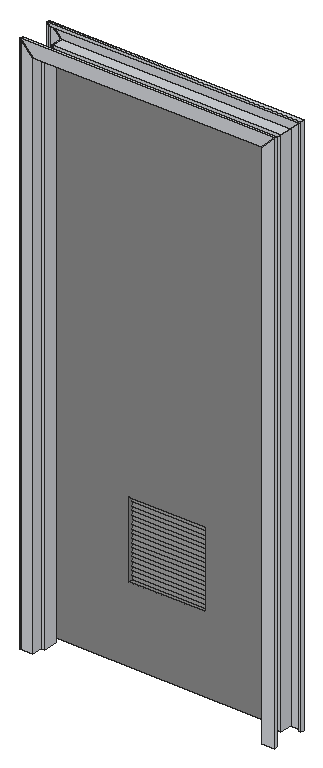
Revit family "Ext-L-MDMF-36 x 84", category Doors, host Wall, Revit 2014
Parameters (values of type "Ext-L-MDMF-36" x 84"")
  Width = Door Panel Width  # 3' - 0"
  Wall Thickness [instance] = 0' - 4 3/4"
  URL = ""
  Type Comments = ""
  Thickness = 0' - 1 3/4"
  Swing Angle [instance] = 90.00°
  SDI RO Spacing = 0' - 0"
  SDI Panel 1 Width = Leaf Width + 0' 0 3/16"  # 3' - 0"
  SDI No Panels = ""
  SDI HW Set [instance] = ""
  SDI HW Item LO-2 [instance] = ""
  SDI HW Item LO-1 [instance] = ""
  SDI HW Item KP-2 [instance] = ""
  SDI HW Item KP-1 [instance] = ""
  SDI HW Item HI-2 [instance] = ""
  SDI HW Item HI-1 [instance] = ""
  SDI HW Item HC-2 [instance] = ""
  SDI HW Item HC-1 [instance] = ""
  SDI HW Item ED-2 [instance] = ""
  SDI HW Item ED-1 [instance] = ""
  SDI HW Item DO-2 [instance] = ""
  SDI HW Item DO-1 [instance] = ""
  SDI HW Item CL-2 [instance] = ""
  SDI HW Item CL-1 [instance] = ""
  SDI Glass Material = Glass
  SDI Frame Type = "3 Piece"
  SDI Frame Material Type = "Hollow Metal"
  SDI Frame Material = Paint - Generic - Prime
  SDI Frame Manufacturer = ""
  SDI Frame Jamb Width = 0' - 2"
  SDI Frame Head Width = 0' - 2"
  SDI Frame Finish Type = "Painted"
  SDI Frame Finish Color = "Prime"
  SDI Frame Depth [instance] = 0' - 5 3/4"
  SDI Family Version = "1.0"
  SDI Door Panel Type = "L"
  SDI Door Material Type = "Hollow Metal"
  SDI Door Material = Paint - Generic - Prime
  SDI Door Manufacturer = ""
  SDI Door Finish Type = "Painted"
  SDI Door Finish Color = "Prime"
  SDI Door Configuration = "SG"
  SDI Arch Frame Type [instance] = ""
  SDI Arch Frame Material Type [instance] = "HM"
  SDI Arch Door Panel Type [instance] = "L"
  SDI Arch Door Material Type [instance] = "HM"
  Rough Width = Frame Width - 0' 1" + 2 * SDI RO Spacing  # 3' - 3"
  Rough Height = Frame Height - 0' 0 1/2" + SDI RO Spacing  # 7' - 1 1/2"
  R1 Height = 7' - 0"
  P1 Width = 3' - 2"
  Model = "Ext-L-MDMF-36\" x 84\""
  Manufacturer = ""
  Leaf Width = P1 Width - 0' 2 3/16"  # 2' - 11 13/16"
  Height = Door Panel Height  # 7' - 0"
  Function = Interior
  Frame Width = P1 Width + 0' 2"  # 3' - 4"
  Frame Offset [instance] = 0' - 0"
  Frame Height = R1 Height + 0' 2"  # 7' - 2"
  Fire Rating = ""
  Exterior Glazing [instance] = no
  Door Panel Width = P1 Width - 0' 2"  # 3' - 0"
  Door Panel Height = R1 Height + 0' 2" - (0' 2")  # 7' - 0"
  Description = "Hollow Metal Door with Hollow Metal Frame"
  Cost = 0
  Assembly Code = "C1020310"
  Analytic Construction = "<None>"
  ADA Clearance Lines = no
Reference planes (in)
  plane 1: y = 0
  plane 2 "Center (Left/Right)": x = 0
  plane 3 "Wall Edge": y = 2.375
  plane 4 "Wall Interior": y = -2.375
  plane 5 "ModelRefLevel": z = 0
  plane 6 "FrameDepthPlane": y = 0
  plane 7 "FrameFront": y = 2.875
  plane 8 "FrameBack": y = -2.875
  plane 9 "V0": x = 19
  plane 10 "V1": x = -19
  plane 11 "H0": z = 1
  plane 12 "H1": z = 85
  plane 13 "DoorLeft": x = 18
  plane 14 "DoorRight": x = -18
  plane 15 "DoorCenter": x = 0
  plane 16 "DoorTop": z = 83.875
  plane 17 "DoorCenterTB": z = 41.9375
  plane 18 "DoorExtFace": y = 2.8125
  plane 19 "DoorGlassFace": y = 2.0625
  plane 20 "LockCenterLine": z = 41.3125
  plane 21 "ActDoorLeft": x = 17.90625
  plane 22 "SwingClrPlane": y = 62.375
  plane 23 "SwingPartialPlane": y = 50.375
Forms (in)
  Extrusion 1, solid
    sketch origin (138.6875, 0, 43) x (-1, 0, 0) y (0, -1, 0)
      loop
        line (119.0625, -2.375) -> (118.6875, -2.375) -> (118.6875, -2.875) -> (120.6875, -2.875) -> (120.6875, -0.9375) -> (121.3125, -0.9375) -> (121.3125, 1.3125) -> (120.6875, 1.3125) -> (120.6875, 2.875) -> (118.6875, 2.875) -> (118.6875, 2.375) -> (119.0625, 2.375) -> (119.0625, 2.4375) -> (118.75, 2.4375) -> (118.75, 2.8125) -> (120.625, 2.8125) -> (120.625, 1.25) -> (121.25, 1.25) -> (121.25, -0.875) -> (120.625, -0.875) -> (120.625, -2.8125) -> (118.75, -2.8125) -> (118.75, -2.4375) -> (119.0625, -2.4375) -> (119.0625, -2.375)
    from -43 to 43
  Extrusion 2, void
    sketch origin (0, 2.375, 0) x (1, 0, 0) y (0, 0, 1)
      loop
        line (20, 86) -> (17.375, 86) -> (17.375, 83.375) -> (20, 86)
    from -12 to 12
  Extrusion 3, solid
    sketch origin (101.3125, 0, 43) x (-1, 0, 0) y (0, -1, 0)
      loop
        line (120.9375, -2.4375) -> (121.25, -2.4375) -> (121.25, -2.8125) -> (119.375, -2.8125) -> (119.375, -0.875) -> (118.75, -0.875) -> (118.75, 1.25) -> (119.375, 1.25) -> (119.375, 2.8125) -> (121.25, 2.8125) -> (121.25, 2.4375) -> (120.9375, 2.4375) -> (120.9375, 2.375) -> (121.3125, 2.375) -> (121.3125, 2.875) -> (119.3125, 2.875) -> (119.3125, 1.3125) -> (118.6875, 1.3125) -> (118.6875, -0.9375) -> (119.3125, -0.9375) -> (119.3125, -2.875) -> (121.3125, -2.875) -> (121.3125, -2.375) -> (120.9375, -2.375) -> (120.9375, -2.4375)
    from -43 to 43
  Extrusion 4, void
    sketch origin (0, 2.375, 0) x (1, 0, 0) y (0, 0, 1)
      loop
        line (-20, 86) -> (-17.375, 83.375) -> (-17.375, 86) -> (-20, 86)
    from -12 to 12
  Extrusion 5, solid
    sketch origin (0, 0, 84.6875) x (0, 1, 0) y (0, 0, 1)
      loop
        line (2.4375, 0.9375) -> (2.4375, 1.25) -> (2.8125, 1.25) -> (2.8125, -0.625) -> (0.875, -0.625) -> (0.875, -1.25) -> (-1.25, -1.25) -> (-1.25, -0.625) -> (-2.8125, -0.625) -> (-2.8125, 1.25) -> (-2.4375, 1.25) -> (-2.4375, 0.9375) -> (-2.375, 0.9375) -> (-2.375, 1.3125) -> (-2.875, 1.3125) -> (-2.875, -0.6875) -> (-1.3125, -0.6875) -> (-1.3125, -1.3125) -> (0.9375, -1.3125) -> (0.9375, -0.6875) -> (2.875, -0.6875) -> (2.875, 1.3125) -> (2.375, 1.3125) -> (2.375, 0.9375) -> (2.4375, 0.9375)
    from -20 to 20
  Extrusion 6, void
    sketch origin (0, 2.375, 0) x (1, 0, 0) y (0, 0, 1)
      loop
        line (-20, 86) -> (-20, 83.375) -> (-17.375, 83.375) -> (-20, 86)
    from -12 to 12
  Extrusion 7, void
    sketch origin (0, 2.375, 0) x (1, 0, 0) y (0, 0, 1)
      loop
        line (20, 86) -> (17.375, 83.375) -> (20, 83.375) -> (20, 86)
    from -12 to 12
  Extrusion 8, solid, material "Paint - Generic - Prime" <- "SDI Door Material"
    sketch origin (-72, 2.8125, -24) x (1, 0, 0) y (0, 0, 1)
      loop
        line (89.90625, 24.625) -> (89.90625, 107.875) -> (54.09375, 107.875) -> (54.09375, 24.625) -> (89.90625, 24.625)
      loop
        line (78, 36.625) -> (78, 48.625) -> (66, 48.625) -> (66, 36.625) -> (78, 36.625)
    from 0 to 1.75
  Extrusion 9, solid, material "Paint - Generic - Prime" <- "SDI Door Material"
    sketch origin (0, -60, -24) x (0, 1, 0) y (0, 0, 1)
      loop
        line (62.4375, 36.14645) -> (61.9375, 36.85355) -> (61.4375, 36.14645) -> (61.5, 36.14645) -> (61.9375, 36.79105) -> (62.375, 36.14645) -> (62.4375, 36.14645)
    from -6 to 6
  Extrusion 10, solid, material "Paint - Generic - Prime" <- "SDI Door Material"
    sketch origin (0, -60, -24) x (0, 1, 0) y (0, 0, 1)
      loop
        line (62.4375, 36.79645) -> (61.9375, 37.50355) -> (61.4375, 36.79645) -> (61.5, 36.79645) -> (61.9375, 37.44105) -> (62.375, 36.79645) -> (62.4375, 36.79645)
    from -6 to 6
  Extrusion 11, solid, material "Paint - Generic - Prime" <- "SDI Door Material"
    sketch origin (0, -60, -24) x (0, 1, 0) y (0, 0, 1)
      loop
        line (62.4375, 37.44645) -> (61.9375, 38.15355) -> (61.4375, 37.44645) -> (61.5, 37.44645) -> (61.9375, 38.09105) -> (62.375, 37.44645) -> (62.4375, 37.44645)
    from -6 to 6
  Extrusion 12, solid, material "Paint - Generic - Prime" <- "SDI Door Material"
    sketch origin (0, -60, -24) x (0, 1, 0) y (0, 0, 1)
      loop
        line (62.4375, 38.09645) -> (61.9375, 38.80355) -> (61.4375, 38.09645) -> (61.5, 38.09645) -> (61.9375, 38.74105) -> (62.375, 38.09645) -> (62.4375, 38.09645)
    from -6 to 6
  Extrusion 13, solid, material "Paint - Generic - Prime" <- "SDI Door Material"
    sketch origin (0, -60, -24) x (0, 1, 0) y (0, 0, 1)
      loop
        line (62.4375, 38.74645) -> (61.9375, 39.45355) -> (61.4375, 38.74645) -> (61.5, 38.74645) -> (61.9375, 39.39105) -> (62.375, 38.74645) -> (62.4375, 38.74645)
    from -6 to 6
  Extrusion 14, solid, material "Paint - Generic - Prime" <- "SDI Door Material"
    sketch origin (0, -60, -24) x (0, 1, 0) y (0, 0, 1)
      loop
        line (62.4375, 39.39645) -> (61.9375, 40.10355) -> (61.4375, 39.39645) -> (61.5, 39.39645) -> (61.9375, 40.04105) -> (62.375, 39.39645) -> (62.4375, 39.39645)
    from -6 to 6
  Extrusion 15, solid, material "Paint - Generic - Prime" <- "SDI Door Material"
    sketch origin (0, -60, -24) x (0, 1, 0) y (0, 0, 1)
      loop
        line (62.4375, 40.04645) -> (61.9375, 40.75355) -> (61.4375, 40.04645) -> (61.5, 40.04645) -> (61.9375, 40.69105) -> (62.375, 40.04645) -> (62.4375, 40.04645)
    from -6 to 6
  Extrusion 16, solid, material "Paint - Generic - Prime" <- "SDI Door Material"
    sketch origin (0, -60, -24) x (0, 1, 0) y (0, 0, 1)
      loop
        line (62.4375, 40.69645) -> (61.9375, 41.40355) -> (61.4375, 40.69645) -> (61.5, 40.69645) -> (61.9375, 41.34105) -> (62.375, 40.69645) -> (62.4375, 40.69645)
    from -6 to 6
  Extrusion 17, solid, material "Paint - Generic - Prime" <- "SDI Door Material"
    sketch origin (0, -60, -24) x (0, 1, 0) y (0, 0, 1)
      loop
        line (62.4375, 41.34645) -> (61.9375, 42.05355) -> (61.4375, 41.34645) -> (61.5, 41.34645) -> (61.9375, 41.99105) -> (62.375, 41.34645) -> (62.4375, 41.34645)
    from -6 to 6
  Extrusion 18, solid, material "Paint - Generic - Prime" <- "SDI Door Material"
    sketch origin (0, -60, -24) x (0, 1, 0) y (0, 0, 1)
      loop
        line (62.4375, 41.99645) -> (61.9375, 42.70355) -> (61.4375, 41.99645) -> (61.5, 41.99645) -> (61.9375, 42.64105) -> (62.375, 41.99645) -> (62.4375, 41.99645)
    from -6 to 6
  Extrusion 19, solid, material "Paint - Generic - Prime" <- "SDI Door Material"
    sketch origin (0, -60, -24) x (0, 1, 0) y (0, 0, 1)
      loop
        line (62.4375, 42.64645) -> (61.9375, 43.35355) -> (61.4375, 42.64645) -> (61.5, 42.64645) -> (61.9375, 43.29105) -> (62.375, 42.64645) -> (62.4375, 42.64645)
    from -6 to 6
  Extrusion 20, solid, material "Paint - Generic - Prime" <- "SDI Door Material"
    sketch origin (0, -60, -24) x (0, 1, 0) y (0, 0, 1)
      loop
        line (62.4375, 43.29645) -> (61.9375, 44.00355) -> (61.4375, 43.29645) -> (61.5, 43.29645) -> (61.9375, 43.94105) -> (62.375, 43.29645) -> (62.4375, 43.29645)
    from -6 to 6
  Extrusion 21, solid, material "Paint - Generic - Prime" <- "SDI Door Material"
    sketch origin (0, -60, -24) x (0, 1, 0) y (0, 0, 1)
      loop
        line (62.4375, 43.94645) -> (61.9375, 44.65355) -> (61.4375, 43.94645) -> (61.5, 43.94645) -> (61.9375, 44.59105) -> (62.375, 43.94645) -> (62.4375, 43.94645)
    from -6 to 6
  Extrusion 22, solid, material "Paint - Generic - Prime" <- "SDI Door Material"
    sketch origin (0, -60, -24) x (0, 1, 0) y (0, 0, 1)
      loop
        line (62.4375, 44.59645) -> (61.9375, 45.30355) -> (61.4375, 44.59645) -> (61.5, 44.59645) -> (61.9375, 45.24105) -> (62.375, 44.59645) -> (62.4375, 44.59645)
    from -6 to 6
  Extrusion 23, solid, material "Paint - Generic - Prime" <- "SDI Door Material"
    sketch origin (0, -60, -24) x (0, 1, 0) y (0, 0, 1)
      loop
        line (62.4375, 45.24645) -> (61.9375, 45.95355) -> (61.4375, 45.24645) -> (61.5, 45.24645) -> (61.9375, 45.89105) -> (62.375, 45.24645) -> (62.4375, 45.24645)
    from -6 to 6
  Extrusion 24, solid, material "Paint - Generic - Prime" <- "SDI Door Material"
    sketch origin (0, -60, -24) x (0, 1, 0) y (0, 0, 1)
      loop
        line (62.4375, 45.89645) -> (61.9375, 46.60355) -> (61.4375, 45.89645) -> (61.5, 45.89645) -> (61.9375, 46.54105) -> (62.375, 45.89645) -> (62.4375, 45.89645)
    from -6 to 6
  Extrusion 25, solid, material "Paint - Generic - Prime" <- "SDI Door Material"
    sketch origin (0, -60, -24) x (0, 1, 0) y (0, 0, 1)
      loop
        line (62.4375, 46.54645) -> (61.9375, 47.25355) -> (61.4375, 46.54645) -> (61.5, 46.54645) -> (61.9375, 47.19105) -> (62.375, 46.54645) -> (62.4375, 46.54645)
    from -6 to 6
  Extrusion 26, solid, material "Paint - Generic - Prime" <- "SDI Door Material"
    sketch origin (0, -60, -24) x (0, 1, 0) y (0, 0, 1)
      loop
        line (62.4375, 47.19645) -> (61.9375, 47.90355) -> (61.4375, 47.19645) -> (61.5, 47.19645) -> (61.9375, 47.84105) -> (62.375, 47.19645) -> (62.4375, 47.19645)
    from -6 to 6
  Extrusion 27, solid, material "Paint - Generic - Prime" <- "SDI Door Material"
    sketch origin (0, -60, -24) x (0, 1, 0) y (0, 0, 1)
      loop
        line (62.4375, 47.84645) -> (61.9375, 48.55355) -> (61.4375, 47.84645) -> (61.5, 47.84645) -> (61.9375, 48.49105) -> (62.375, 47.84645) -> (62.4375, 47.84645)
    from -6 to 6
  Extrusion 28, solid, material "Paint - Generic - Prime" <- "SDI Door Material"
    sketch origin (0, -60, -24) x (0, 1, 0) y (0, 0, 1)
      loop
        line (62.4375, 48.49645) -> (61.9375, 49.20355) -> (61.4375, 48.49645) -> (61.5, 48.49645) -> (61.9375, 49.14105) -> (62.375, 48.49645) -> (62.4375, 48.49645)
    from -6 to 6
Cuts and joins
  Extrusion 2 cuts Extrusion 1
  Extrusion 4 cuts Extrusion 3
  Extrusion 6, Extrusion 7 cuts Extrusion 5
Lines and regions (in)
  Opening 1
    outline origin (-60, -2.375, 0) x (1, 0, 0) y (0, 0, 1)
      loop
        line (79.5, 0) -> (79.5, 85.5) -> (40.5, 85.5) -> (40.5, 0) -> (79.5, 0)
  symbolic lines, style "DoorsFrameMullionProjection", detail levels fine
    curve 1: line (19.625, 2.375, 0) -> (20, 2.375, 0)
    curve 2: line (20, 2.375, 0) -> (20, 2.875, 0)
    curve 3: line (20, 2.875, 0) -> (18, 2.875, 0)
    curve 4: line (18, 2.875, 0) -> (18, 0.9375, 0)
    curve 5: line (18, 0.9375, 0) -> (17.375, 0.9375, 0)
    curve 6: line (17.375, 0.9375, 0) -> (17.375, -1.3125, 0)
    curve 7: line (17.375, -1.3125, 0) -> (18, -1.3125, 0)
    curve 8: line (18, -1.3125, 0) -> (18, -2.875, 0)
    curve 9: line (18, -2.875, 0) -> (20, -2.875, 0)
    curve 10: line (20, -2.875, 0) -> (20, -2.375, 0)
    curve 11: line (20, -2.375, 0) -> (19.625, -2.375, 0)
    curve 12: line (19.625, -2.375, 0) -> (19.625, -2.4375, 0)
    curve 13: line (19.625, -2.4375, 0) -> (19.9375, -2.4375, 0)
    curve 14: line (19.9375, -2.4375, 0) -> (19.9375, -2.8125, 0)
    curve 15: line (19.9375, -2.8125, 0) -> (18.0625, -2.8125, 0)
    curve 16: line (18.0625, -2.8125, 0) -> (18.0625, -1.25, 0)
    curve 17: line (18.0625, -1.25, 0) -> (17.4375, -1.25, 0)
    curve 18: line (17.4375, -1.25, 0) -> (17.4375, 0.875, 0)
    curve 19: line (17.4375, 0.875, 0) -> (18.0625, 0.875, 0)
    curve 20: line (18.0625, 0.875, 0) -> (18.0625, 2.8125, 0)
    curve 21: line (18.0625, 2.8125, 0) -> (19.9375, 2.8125, 0)
    curve 22: line (19.9375, 2.8125, 0) -> (19.9375, 2.4375, 0)
    curve 23: line (19.9375, 2.4375, 0) -> (19.625, 2.4375, 0)
    curve 24: line (19.625, 2.4375, 0) -> (19.625, 2.375, 0)
    curve 37: line (-19.625, 2.4375, 0) -> (-19.9375, 2.4375, 0)
    curve 38: line (-19.9375, 2.4375, 0) -> (-19.9375, 2.8125, 0)
    curve 39: line (-19.9375, 2.8125, 0) -> (-18.0625, 2.8125, 0)
    curve 40: line (-18.0625, 2.8125, 0) -> (-18.0625, 0.875, 0)
    curve 41: line (-18.0625, 0.875, 0) -> (-17.4375, 0.875, 0)
    curve 42: line (-17.4375, 0.875, 0) -> (-17.4375, -1.25, 0)
    curve 43: line (-17.4375, -1.25, 0) -> (-18.0625, -1.25, 0)
    curve 44: line (-18.0625, -1.25, 0) -> (-18.0625, -2.8125, 0)
    curve 45: line (-18.0625, -2.8125, 0) -> (-19.9375, -2.8125, 0)
    curve 46: line (-19.9375, -2.8125, 0) -> (-19.9375, -2.4375, 0)
    curve 47: line (-19.9375, -2.4375, 0) -> (-19.625, -2.4375, 0)
    curve 48: line (-19.625, -2.4375, 0) -> (-19.625, -2.375, 0)
    curve 49: line (-19.625, -2.375, 0) -> (-20, -2.375, 0)
    curve 50: line (-20, -2.375, 0) -> (-20, -2.875, 0)
    curve 51: line (-20, -2.875, 0) -> (-18, -2.875, 0)
    curve 52: line (-18, -2.875, 0) -> (-18, -1.3125, 0)
    curve 53: line (-18, -1.3125, 0) -> (-17.375, -1.3125, 0)
    curve 54: line (-17.375, -1.3125, 0) -> (-17.375, 0.9375, 0)
    curve 55: line (-17.375, 0.9375, 0) -> (-18, 0.9375, 0)
    curve 56: line (-18, 0.9375, 0) -> (-18, 2.875, 0)
    curve 57: line (-18, 2.875, 0) -> (-20, 2.875, 0)
    curve 58: line (-20, 2.875, 0) -> (-20, 2.375, 0)
    curve 59: line (-20, 2.375, 0) -> (-19.625, 2.375, 0)
    curve 60: line (-19.625, 2.375, 0) -> (-19.625, 2.4375, 0)
  symbolic lines, style "DoorsFrameMullionProjection", detail levels coarse
    curve 25: line (18, -2.875, 0) -> (19.5, -2.875, 0)
    curve 26: line (18, 2.875, 0) -> (19.5, 2.875, 0)
    curve 27: line (18, -2.875, 0) -> (18, 2.875, 0)
    curve 28: line (19.5, -2.875, 0) -> (19.5, 2.875, 0)
    curve 61: line (-19.5, -2.875, 0) -> (-18, -2.875, 0)
    curve 62: line (-19.5, 2.875, 0) -> (-18, 2.875, 0)
    curve 63: line (-19.5, -2.875, 0) -> (-19.5, 2.875, 0)
    curve 64: line (-18, -2.875, 0) -> (-18, 2.875, 0)
  symbolic lines, style "DoorsFrameMullionProjection", detail levels medium
    curve 29: line (18, -2.875, 0) -> (20, -2.875, 0)
    curve 30: line (20, -2.875, 0) -> (20, -2.375, 0)
    curve 31: line (19.5, -2.375, 0) -> (20, -2.375, 0)
    curve 32: line (19.5, -2.375, 0) -> (19.5, 2.375, 0)
    curve 33: line (19.5, 2.375, 0) -> (20, 2.375, 0)
    curve 34: line (20, 2.875, 0) -> (20, 2.375, 0)
    curve 35: line (18, 2.875, 0) -> (20, 2.875, 0)
    curve 36: line (18, -2.875, 0) -> (18, 2.875, 0)
    curve 65: line (-20, -2.875, 0) -> (-18, -2.875, 0)
    curve 66: line (-20, -2.875, 0) -> (-20, -2.375, 0)
    curve 67: line (-20, -2.375, 0) -> (-19.5, -2.375, 0)
    curve 68: line (-19.5, -2.375, 0) -> (-19.5, 2.375, 0)
    curve 69: line (-20, 2.375, 0) -> (-19.5, 2.375, 0)
    curve 70: line (-20, 2.875, 0) -> (-20, 2.375, 0)
    curve 71: line (-20, 2.875, 0) -> (-18, 2.875, 0)
    curve 72: line (-18, -2.875, 0) -> (-18, 2.875, 0)
  symbolic lines, style "Elevation Swing"
    curve 73: line (-17.90625, 2.375, 83.875) -> (17.90625, 2.375, 41.9375)
    curve 74: line (-17.90625, 2.375, 0) -> (17.90625, 2.375, 41.9375)
  symbolic lines, style "ADA Clearance", visible <- "ADA Clearance Lines"
    curve 75: line (20, 2.375, 0) -> (20, 62.375, 0)
    curve 76: line (-36, 62.375, 0) -> (20, 62.375, 0)
    curve 77: line (-36, 50.375, 0) -> (20, 50.375, 0)
    curve 78: line (-36, 2.375, 0) -> (-36, 62.375, 0)
    curve 79: line (20, -2.375, 0) -> (20, -50.375, 0)
    curve 80: line (-30, -50.375, 0) -> (20, -50.375, 0)
    curve 81: line (-30, -2.375, 0) -> (-30, -50.375, 0)
Text (in)
  text "Placement Side" at (0, 40.15149, 123.01588), in view "Right"
  text "Placement Side" at (-70.3804, 28.46503, 0), in view "Ref. Level"
  text "Placement Side" at (0, 81.62555, 140.59947), in view "Left"
Dimensions and locks (in)
  locked: plane 3 "Wall Edge" to host wall
  equal spacing: host wall, plane 2 "Center (Left/Right)", host wall
  "Rough Width": host wall to host wall
  "Rough Height": level to host wall
  equal spacing: plane 3 "Wall Edge", plane 1, plane 4 "Wall Interior"
  "Wall Thickness": host wall to host wall
  locked: plane 3 "Wall Edge" to plane 7 "FrameFront" at 0.5
  locked: plane 4 "Wall Interior" to plane 8 "FrameBack" at 0.5
  "SDI Frame Depth": plane 7 "FrameFront" to plane 8 "FrameBack"
  equal spacing: plane 9 "V0", plane 2 "Center (Left/Right)", plane 10 "V1"
  "P1 Width": plane 9 "V0" to plane 10 "V1"
  "R1 Height": plane 11 "H0" to plane 12 "H1"
  locked: plane 12 "H1" to Extrusion 1 at 1
  locked: plane 11 "H0" to Extrusion 1 at 1
  locked: plane 9 "V0" to Extrusion 1 at 0.9375  (x4)
  locked: plane 9 "V0" to Extrusion 1 at 1.5625
  locked: plane 9 "V0" to Extrusion 1 at 1  (x4)
  locked: plane 9 "V0" to Extrusion 1 at 0.625  (x3)
  locked: plane 9 "V0" to Extrusion 1 at 1.625
  locked: plane 12 "H1" to Extrusion 3 at 1
  locked: plane 11 "H0" to Extrusion 3 at 1
  locked: plane 10 "V1" to Extrusion 3 at 0.625  (x2)
  locked: plane 10 "V1" to Extrusion 3 at 1  (x5)
  locked: plane 10 "V1" to Extrusion 3 at 1.625
  locked: plane 10 "V1" to Extrusion 3 at 0.9375  (x4)
  locked: plane 10 "V1" to Extrusion 3 at 1.5625
  locked: plane 9 "V0" to Extrusion 5 at 1
  locked: plane 10 "V1" to Extrusion 5 at 1
  locked: plane 12 "H1" to Extrusion 5 at 0.9375  (x5)
  locked: plane 12 "H1" to Extrusion 5 at 1.5625
  locked: plane 12 "H1" to Extrusion 5 at 1  (x4)
  locked: plane 12 "H1" to Extrusion 5 at 0.625  (x2)
  locked: plane 12 "H1" to Extrusion 5 at 1.625
  locked: plane 7 "FrameFront" to cut or joined group of Extrusion 1, Extrusion 2 at 1.9375
  locked: plane 7 "FrameFront" to cut or joined group of Extrusion 1, Extrusion 2 at 2
  locked: plane 7 "FrameFront" to cut or joined group of Extrusion 1, Extrusion 2 at 0.0625
  locked: plane 7 "FrameFront" to cut or joined group of Extrusion 1, Extrusion 2 at 0.4375
  locked: plane 7 "FrameFront" to cut or joined group of Extrusion 1, Extrusion 2 at 0.5
  locked: plane 8 "FrameBack" to cut or joined group of Extrusion 1, Extrusion 2 at 1.5625
  locked: plane 8 "FrameBack" to cut or joined group of Extrusion 1, Extrusion 2 at 0.5
  locked: plane 8 "FrameBack" to cut or joined group of Extrusion 1, Extrusion 2 at 0.4375
  locked: plane 8 "FrameBack" to cut or joined group of Extrusion 1, Extrusion 2 at 0.0625
  locked: plane 8 "FrameBack" to cut or joined group of Extrusion 1, Extrusion 2 at 1.625
  locked: plane 7 "FrameFront" to cut or joined group of Extrusion 3, Extrusion 4 at 0.0625
  locked: plane 7 "FrameFront" to cut or joined group of Extrusion 3, Extrusion 4 at 2
  locked: plane 7 "FrameFront" to cut or joined group of Extrusion 3, Extrusion 4 at 1.9375
  locked: plane 7 "FrameFront" to cut or joined group of Extrusion 3, Extrusion 4 at 0.5
  locked: plane 7 "FrameFront" to cut or joined group of Extrusion 3, Extrusion 4 at 0.4375
  locked: plane 8 "FrameBack" to cut or joined group of Extrusion 3, Extrusion 4 at 1.625
  locked: plane 8 "FrameBack" to cut or joined group of Extrusion 3, Extrusion 4 at 0.0625
  locked: plane 8 "FrameBack" to cut or joined group of Extrusion 3, Extrusion 4 at 0.4375
  locked: plane 8 "FrameBack" to cut or joined group of Extrusion 3, Extrusion 4 at 0.5
  locked: plane 8 "FrameBack" to cut or joined group of Extrusion 3, Extrusion 4 at 1.5625
  locked: plane 7 "FrameFront" to cut or joined group of Extrusion 5, Extrusion 6, Extrusion 7 at 0.0625
  locked: plane 7 "FrameFront" to cut or joined group of Extrusion 5, Extrusion 6, Extrusion 7 at 2
  locked: plane 7 "FrameFront" to cut or joined group of Extrusion 5, Extrusion 6, Extrusion 7 at 1.9375
  locked: plane 7 "FrameFront" to cut or joined group of Extrusion 5, Extrusion 6, Extrusion 7 at 0.5
  locked: plane 7 "FrameFront" to cut or joined group of Extrusion 5, Extrusion 6, Extrusion 7 at 0.4375
  locked: plane 8 "FrameBack" to cut or joined group of Extrusion 5, Extrusion 6, Extrusion 7 at 1.625
  locked: plane 8 "FrameBack" to cut or joined group of Extrusion 5, Extrusion 6, Extrusion 7 at 0.0625
  locked: plane 8 "FrameBack" to cut or joined group of Extrusion 5, Extrusion 6, Extrusion 7 at 0.4375
  locked: plane 8 "FrameBack" to cut or joined group of Extrusion 5, Extrusion 6, Extrusion 7 at 0.5
  locked: plane 8 "FrameBack" to cut or joined group of Extrusion 5, Extrusion 6, Extrusion 7 at 1.5625
  locked: plane 7 "FrameFront" to curve 1 at 0.5
  locked: plane 7 "FrameFront" to curve 5 at 1.9375
  locked: plane 7 "FrameFront" to curve 19 at 2
  locked: plane 7 "FrameFront" to curve 21 at 0.0625
  locked: plane 7 "FrameFront" to curve 23 at 0.4375
  locked: plane 7 "FrameFront" to curve 33 at 0.5
  locked: plane 7 "FrameFront" to curve 37 at 0.4375
  locked: plane 7 "FrameFront" to curve 39 at 0.0625
  locked: plane 7 "FrameFront" to curve 41 at 2
  locked: plane 7 "FrameFront" to curve 55 at 1.9375
  locked: plane 7 "FrameFront" to curve 59 at 0.5
  locked: plane 7 "FrameFront" to curve 69 at 0.5
  locked: plane 8 "FrameBack" to curve 7 at 1.5625
  locked: plane 8 "FrameBack" to curve 11 at 0.5
  locked: plane 8 "FrameBack" to curve 13 at 0.4375
  locked: plane 8 "FrameBack" to curve 15 at 0.0625
  locked: plane 8 "FrameBack" to curve 17 at 1.625
  locked: plane 8 "FrameBack" to curve 31 at 0.5
  locked: plane 8 "FrameBack" to curve 43 at 1.625
  locked: plane 8 "FrameBack" to curve 45 at 0.0625
  locked: plane 8 "FrameBack" to curve 47 at 0.4375
  locked: plane 8 "FrameBack" to curve 49 at 0.5
  locked: plane 8 "FrameBack" to curve 53 at 1.5625
  locked: plane 8 "FrameBack" to curve 67 at 0.5
  locked: plane 9 "V0" to plane 13 "DoorLeft" at 1
  locked: plane 10 "V1" to plane 14 "DoorRight" at 1
  locked: plane 12 "H1" to plane 16 "DoorTop" at 1.125
  equal spacing: plane 16 "DoorTop", plane 17 "DoorCenterTB", plane 5 "ModelRefLevel"
  locked: plane 3 "Wall Edge" to plane 18 "DoorExtFace" at 0.4375
  locked: plane 3 "Wall Edge" to plane 19 "DoorGlassFace" at 0.3125
  locked: plane 20 "LockCenterLine" to plane 5 "ModelRefLevel" at 41.3125
  locked: Extrusion 8 to Extrusion 8 at 1.75
  locked: plane 13 "DoorLeft" to Extrusion 8 at 0.09375
  locked: plane 15 "DoorCenter" to Extrusion 8 at 6  (x2)
  locked: plane 14 "DoorRight" to Extrusion 8 at 0.09375
  locked: plane 16 "DoorTop" to Extrusion 8 at 0
  locked: plane 5 "ModelRefLevel" to Extrusion 8 at 12.625
  locked: plane 5 "ModelRefLevel" to Extrusion 8 at 0.625
  locked: plane 20 "LockCenterLine" to Extrusion 8 at 16.6875
  locked: plane 15 "DoorCenter" to Extrusion 9 at 6  (x2)
  locked: plane 5 "ModelRefLevel" to Extrusion 9 at 12.14645  (x2)
  locked: plane 15 "DoorCenter" to Extrusion 10 at 6  (x2)
  locked: plane 5 "ModelRefLevel" to Extrusion 10 at 12.79645  (x2)
  locked: plane 15 "DoorCenter" to Extrusion 11 at 6  (x2)
  locked: plane 5 "ModelRefLevel" to Extrusion 11 at 13.44645  (x2)
  locked: plane 15 "DoorCenter" to Extrusion 12 at 6  (x2)
  locked: plane 5 "ModelRefLevel" to Extrusion 12 at 14.09645  (x2)
  locked: plane 15 "DoorCenter" to Extrusion 13 at 6  (x2)
  locked: plane 5 "ModelRefLevel" to Extrusion 13 at 14.74645  (x2)
  locked: plane 15 "DoorCenter" to Extrusion 14 at 6  (x2)
  locked: plane 5 "ModelRefLevel" to Extrusion 14 at 15.39645  (x2)
  locked: plane 15 "DoorCenter" to Extrusion 15 at 6  (x2)
  locked: plane 5 "ModelRefLevel" to Extrusion 15 at 16.04645  (x2)
  locked: plane 15 "DoorCenter" to Extrusion 16 at 6  (x2)
  locked: plane 5 "ModelRefLevel" to Extrusion 16 at 16.69645  (x2)
  locked: plane 15 "DoorCenter" to Extrusion 17 at 6  (x2)
  locked: plane 5 "ModelRefLevel" to Extrusion 17 at 17.34645  (x2)
  locked: plane 15 "DoorCenter" to Extrusion 18 at 6  (x2)
  locked: plane 5 "ModelRefLevel" to Extrusion 18 at 17.99645  (x2)
  locked: plane 15 "DoorCenter" to Extrusion 19 at 6  (x2)
  locked: plane 5 "ModelRefLevel" to Extrusion 19 at 18.64645  (x2)
  locked: plane 15 "DoorCenter" to Extrusion 20 at 6  (x2)
  locked: plane 5 "ModelRefLevel" to Extrusion 20 at 19.29645  (x2)
  locked: plane 15 "DoorCenter" to Extrusion 21 at 6  (x2)
  locked: plane 5 "ModelRefLevel" to Extrusion 21 at 19.94645  (x2)
  locked: plane 15 "DoorCenter" to Extrusion 22 at 6  (x2)
  locked: plane 5 "ModelRefLevel" to Extrusion 22 at 20.59645  (x2)
  locked: plane 15 "DoorCenter" to Extrusion 23 at 6  (x2)
  locked: plane 20 "LockCenterLine" to Extrusion 23 at 20.06605  (x2)
  locked: plane 15 "DoorCenter" to Extrusion 24 at 6  (x2)
  locked: plane 20 "LockCenterLine" to Extrusion 24 at 19.41605  (x2)
  locked: plane 15 "DoorCenter" to Extrusion 25 at 6  (x2)
  locked: plane 20 "LockCenterLine" to Extrusion 25 at 18.76605  (x2)
  locked: plane 15 "DoorCenter" to Extrusion 26 at 6  (x2)
  locked: plane 20 "LockCenterLine" to Extrusion 26 at 18.11605  (x2)
  locked: plane 15 "DoorCenter" to Extrusion 27 at 6  (x2)
  locked: plane 20 "LockCenterLine" to Extrusion 27 at 17.46605  (x2)
  locked: plane 15 "DoorCenter" to Extrusion 28 at 6  (x2)
  locked: plane 20 "LockCenterLine" to Extrusion 28 at 16.81605  (x2)
  locked: plane 13 "DoorLeft" to plane 21 "ActDoorLeft" at 0.09375
  locked: plane 3 "Wall Edge" to plane 22 "SwingClrPlane" at 60
  locked: plane 3 "Wall Edge" to plane 23 "SwingPartialPlane" at 48
  aligned and locked: plane 4 "Wall Interior" to host wall
  aligned and locked: cut or joined group of Extrusion 1, Extrusion 2 to plane 7 "FrameFront"
  aligned and locked: plane 8 "FrameBack" to cut or joined group of Extrusion 1, Extrusion 2
  aligned and locked: cut or joined group of Extrusion 3, Extrusion 4 to plane 7 "FrameFront"
  aligned and locked: plane 8 "FrameBack" to cut or joined group of Extrusion 3, Extrusion 4
  aligned and locked: cut or joined group of Extrusion 5, Extrusion 6, Extrusion 7 to plane 7 "FrameFront"
  aligned and locked: plane 8 "FrameBack" to cut or joined group of Extrusion 5, Extrusion 6, Extrusion 7
  aligned and locked: curve 3 to plane 7 "FrameFront"
  aligned and locked: plane 7 "FrameFront" to curve 26
  aligned and locked: curve 57 to plane 7 "FrameFront"
  aligned and locked: plane 7 "FrameFront" to curve 62
  aligned and locked: plane 7 "FrameFront" to curve 71
  aligned and locked: plane 8 "FrameBack" to curve 9
  aligned and locked: plane 8 "FrameBack" to curve 61
  aligned and locked: plane 8 "FrameBack" to curve 65
  aligned and locked: Extrusion 8 to plane 18 "DoorExtFace"
  aligned and locked: plane 7 "FrameFront" to nested 1
  aligned and locked: plane 21 "ActDoorLeft" to nested 1
  aligned and locked: plane 22 "SwingClrPlane" to curve 76
  aligned and locked: plane 23 "SwingPartialPlane" to curve 77
Automatic sketch dimensions
  Opening 1 sketch curve to level = 0' - 0"
  Opening 1 sketch curve to plane 2 "Center (Left/Right)" = 1' - 7 1/2"
  plane 2 "Center (Left/Right)" to Opening 1 sketch curve = 1' - 7 1/2"
  level to Opening 1 sketch curve = 7' - 1 1/2"
  Extrusion 2 sketch curve to plane 9 "V0" = 0' - 1 5/8"
  plane 9 "V0" to Extrusion 2 sketch curve = 0' - 1"
  plane 12 "H1" to Extrusion 2 sketch curve = 0' - 1 5/8"
  Extrusion 2 sketch curve to plane 12 "H1" = 0' - 1"
  host wall to Extrusion 1 sketch curve = 0' - 0"
  Extrusion 1 sketch curve to host wall = 0' - 0"
  plane 7 "FrameFront" to Extrusion 1 sketch curve = 0' - 0"
  plane 8 "FrameBack" to Extrusion 1 sketch curve = 0' - 0"
  plane 2 "Center (Left/Right)" to Extrusion 1 sketch curve = 1' - 8"  (x2)
  Extrusion 1 sketch curve to Extrusion 1 sketch curve = 0' - 0 1/16"  (x7)
  host wall to Extrusion 1 sketch curve = 0' - 0 1/16"  (x2)
  Extrusion 1 sketch curve to Extrusion 1 sketch curve = 0' - 0 5/16"  (x2)
  plane 2 "Center (Left/Right)" to Extrusion 1 sketch curve = 1' - 6 1/16"  (x2)
  Extrusion 1 sketch curve to Extrusion 1 sketch curve = 0' - 0 9/16"
  plane 7 "FrameFront" to Extrusion 1 sketch curve = 0' - 0 1/16"
  Extrusion 1 sketch curve to host wall = 0' - 0 15/16"
  Extrusion 1 sketch curve to host wall = 0' - 1 1/8"
  Extrusion 1 sketch curve to plane 8 "FrameBack" = 0' - 0 1/16"
  plane 9 "V0" to curve 1 = 0' - 1"
  curve 1 to curve 1 = 0' - 0 3/8"
  curve 3 to plane 9 "V0" = 0' - 1"
  curve 4 to curve 5 = 0' - 0 5/8"
  curve 10 to curve 11 = 0' - 0 3/8"
  curve 10 to curve 13 = 0' - 0 1/16"
  curve 15 to curve 8 = 0' - 0 1/16"
  curve 17 to curve 6 = 0' - 0 1/16"
  curve 20 to curve 3 = 0' - 0 1/16"
  curve 2 to curve 21 = 0' - 0 1/16"
  curve 21 to curve 26 = 0' - 0 7/16"
  curve 11 to curve 31 = 0' - 0 1/8"
  curve 1 to curve 32 = 0' - 0 1/8"
  Extrusion 4 sketch curve to plane 10 "V1" = 0' - 1"
  plane 10 "V1" to Extrusion 4 sketch curve = 0' - 1 5/8"
  plane 12 "H1" to Extrusion 4 sketch curve = 0' - 1 5/8"
  Extrusion 4 sketch curve to plane 12 "H1" = 0' - 1"
  plane 8 "FrameBack" to Extrusion 3 sketch curve = 0' - 0"
  plane 7 "FrameFront" to Extrusion 3 sketch curve = 0' - 0"
  host wall to Extrusion 3 sketch curve = 0' - 0"
  Extrusion 3 sketch curve to host wall = 0' - 0"
  Extrusion 3 sketch curve to plane 2 "Center (Left/Right)" = 1' - 5 3/8"
  Extrusion 3 sketch curve to Extrusion 3 sketch curve = 0' - 0 1/16"  (x7)
  Extrusion 3 sketch curve to plane 2 "Center (Left/Right)" = 1' - 6"  (x2)
  Extrusion 3 sketch curve to plane 2 "Center (Left/Right)" = 1' - 7 5/8"  (x2)
  host wall to Extrusion 3 sketch curve = 0' - 0 1/16"  (x2)
  Extrusion 3 sketch curve to Extrusion 3 sketch curve = 0' - 0 5/16"  (x2)
  plane 7 "FrameFront" to Extrusion 3 sketch curve = 0' - 0 1/16"
  Extrusion 3 sketch curve to host wall = 0' - 0 15/16"
  Extrusion 3 sketch curve to host wall = 0' - 1 1/8"
  Extrusion 3 sketch curve to plane 8 "FrameBack" = 0' - 0 1/16"
  curve 37 to plane 10 "V1" = 0' - 0 5/8"
  curve 37 to curve 37 = 0' - 0 5/16"
  plane 10 "V1" to curve 39 = 0' - 0 15/16"
  curve 42 to curve 43 = 0' - 0 5/8"
  curve 47 to curve 46 = 0' - 0 5/16"
  curve 46 to curve 49 = 0' - 0 1/16"
  curve 51 to curve 44 = 0' - 0 1/16"
  curve 53 to curve 42 = 0' - 0 1/16"
  curve 55 to curve 40 = 0' - 0 1/16"
  curve 38 to curve 57 = 0' - 0 1/16"
  curve 62 to curve 38 = 0' - 0 7/16"
  curve 67 to curve 48 = 0' - 0 1/8"
  curve 68 to curve 59 = 0' - 0 1/8"
  Extrusion 6 sketch curve to plane 10 "V1" = 0' - 1"
  plane 10 "V1" to Extrusion 6 sketch curve = 0' - 1 5/8"
  plane 12 "H1" to Extrusion 6 sketch curve = 0' - 1 5/8"
  Extrusion 6 sketch curve to plane 12 "H1" = 0' - 1"
  Extrusion 7 sketch curve to plane 9 "V0" = 0' - 1 5/8"
  plane 9 "V0" to Extrusion 7 sketch curve = 0' - 1"
  plane 12 "H1" to Extrusion 7 sketch curve = 0' - 1 5/8"
  Extrusion 7 sketch curve to plane 12 "H1" = 0' - 1"
  Extrusion 5 sketch curve to plane 8 "FrameBack" = 0' - 0"
  Extrusion 5 sketch curve to host wall = 0' - 0"  (x2)
  Extrusion 5 sketch curve to plane 7 "FrameFront" = 0' - 0"
  Extrusion 5 sketch curve to plane 8 "FrameBack" = 0' - 0 1/16"
  host wall to Extrusion 5 sketch curve = 0' - 0 1/16"  (x2)
  Extrusion 5 sketch curve to host wall = 0' - 1 1/16"
  Extrusion 5 sketch curve to Extrusion 5 sketch curve = 0' - 0 1/16"  (x7)
  Extrusion 5 sketch curve to host wall = 0' - 0 7/8"
  plane 7 "FrameFront" to Extrusion 5 sketch curve = 0' - 0 1/16"
  level to Extrusion 5 sketch curve = 6' - 11 3/8"
  level to Extrusion 5 sketch curve = 7' - 0"  (x2)
  Extrusion 5 sketch curve to plane 11 "H0" = 7' - 0 5/8"  (x2)
  Extrusion 5 sketch curve to plane 11 "H0" = 7' - 0 15/16"  (x2)
  Extrusion 8 sketch curve to plane 16 "DoorTop" = 0' - 0"
  plane 14 "DoorRight" to Extrusion 8 sketch curve = 0' - 0 3/32"
  Extrusion 8 sketch curve to plane 2 "Center (Left/Right)" = 0' - 6"
  plane 2 "Center (Left/Right)" to Extrusion 8 sketch curve = 0' - 6"
  Extrusion 8 sketch curve to plane 13 "DoorLeft" = 0' - 0 3/32"
  Extrusion 8 sketch curve to plane 20 "LockCenterLine" = 1' - 4 11/16"
  Extrusion 8 sketch curve to plane 11 "H0" = 0' - 11 5/8"
  plane 11 "H0" to Extrusion 8 sketch curve = 0' - 0 3/8"
  Extrusion 9 sketch curve to host wall = 0' - 0"
  plane 19 "DoorGlassFace" to Extrusion 9 sketch curve = 0' - 0 1/8"
  Extrusion 9 sketch curve to Extrusion 9 sketch curve = 0' - 0"  (x2)
  plane 19 "DoorGlassFace" to Extrusion 9 sketch curve = 0' - 0 9/16"
  Extrusion 9 sketch curve to Extrusion 9 sketch curve = 0' - 0 1/16"  (x3)
  Extrusion 9 sketch curve to plane 11 "H0" = 0' - 11.14645"
  Extrusion 9 sketch curve to Extrusion 9 sketch curve = 0' - 0.64461"
  Extrusion 10 sketch curve to host wall = 0' - 0"
  plane 19 "DoorGlassFace" to Extrusion 10 sketch curve = 0' - 0 1/8"
  Extrusion 10 sketch curve to Extrusion 10 sketch curve = 0' - 0"  (x2)
  plane 19 "DoorGlassFace" to Extrusion 10 sketch curve = 0' - 0 9/16"
  Extrusion 10 sketch curve to Extrusion 10 sketch curve = 0' - 0 1/16"  (x3)
  Extrusion 10 sketch curve to plane 11 "H0" = 0' - 11.79645"
  Extrusion 10 sketch curve to Extrusion 10 sketch curve = 0' - 0.64461"
  Extrusion 11 sketch curve to host wall = 0' - 0"
  plane 19 "DoorGlassFace" to Extrusion 11 sketch curve = 0' - 0 1/8"
  Extrusion 11 sketch curve to Extrusion 11 sketch curve = 0' - 0"  (x2)
  plane 19 "DoorGlassFace" to Extrusion 11 sketch curve = 0' - 0 9/16"
  Extrusion 11 sketch curve to Extrusion 11 sketch curve = 0' - 0 1/16"  (x3)
  Extrusion 11 sketch curve to plane 11 "H0" = 1' - 0.44645"
  Extrusion 11 sketch curve to Extrusion 11 sketch curve = 0' - 0.64461"
  Extrusion 12 sketch curve to host wall = 0' - 0"
  plane 19 "DoorGlassFace" to Extrusion 12 sketch curve = 0' - 0 1/8"
  Extrusion 12 sketch curve to Extrusion 12 sketch curve = 0' - 0"  (x2)
  plane 19 "DoorGlassFace" to Extrusion 12 sketch curve = 0' - 0 9/16"
  Extrusion 12 sketch curve to Extrusion 12 sketch curve = 0' - 0 1/16"  (x3)
  Extrusion 12 sketch curve to plane 11 "H0" = 1' - 1.09645"
  Extrusion 12 sketch curve to Extrusion 12 sketch curve = 0' - 0.64461"
  Extrusion 13 sketch curve to host wall = 0' - 0"
  plane 19 "DoorGlassFace" to Extrusion 13 sketch curve = 0' - 0 1/8"
  Extrusion 13 sketch curve to Extrusion 13 sketch curve = 0' - 0"  (x2)
  plane 19 "DoorGlassFace" to Extrusion 13 sketch curve = 0' - 0 9/16"
  Extrusion 13 sketch curve to Extrusion 13 sketch curve = 0' - 0 1/16"  (x3)
  Extrusion 13 sketch curve to plane 11 "H0" = 1' - 1.74645"
  Extrusion 13 sketch curve to Extrusion 13 sketch curve = 0' - 0.64461"
  Extrusion 14 sketch curve to host wall = 0' - 0"
  plane 19 "DoorGlassFace" to Extrusion 14 sketch curve = 0' - 0 1/8"
  Extrusion 14 sketch curve to Extrusion 14 sketch curve = 0' - 0"  (x2)
  plane 19 "DoorGlassFace" to Extrusion 14 sketch curve = 0' - 0 9/16"
  Extrusion 14 sketch curve to Extrusion 14 sketch curve = 0' - 0 1/16"  (x3)
  Extrusion 14 sketch curve to plane 11 "H0" = 1' - 2.39645"
  Extrusion 14 sketch curve to Extrusion 14 sketch curve = 0' - 0.64461"
  Extrusion 15 sketch curve to host wall = 0' - 0"
  plane 19 "DoorGlassFace" to Extrusion 15 sketch curve = 0' - 0 1/8"
  Extrusion 15 sketch curve to Extrusion 15 sketch curve = 0' - 0"  (x2)
  plane 19 "DoorGlassFace" to Extrusion 15 sketch curve = 0' - 0 9/16"
  Extrusion 15 sketch curve to Extrusion 15 sketch curve = 0' - 0 1/16"  (x3)
  Extrusion 15 sketch curve to plane 11 "H0" = 1' - 3.04645"
  Extrusion 15 sketch curve to Extrusion 15 sketch curve = 0' - 0.64461"
  Extrusion 16 sketch curve to host wall = 0' - 0"
  plane 19 "DoorGlassFace" to Extrusion 16 sketch curve = 0' - 0 1/8"
  Extrusion 16 sketch curve to Extrusion 16 sketch curve = 0' - 0"  (x2)
  plane 19 "DoorGlassFace" to Extrusion 16 sketch curve = 0' - 0 9/16"
  Extrusion 16 sketch curve to Extrusion 16 sketch curve = 0' - 0 1/16"  (x3)
  Extrusion 16 sketch curve to plane 11 "H0" = 1' - 3.69645"
  Extrusion 16 sketch curve to Extrusion 16 sketch curve = 0' - 0.64461"
  Extrusion 17 sketch curve to host wall = 0' - 0"
  plane 19 "DoorGlassFace" to Extrusion 17 sketch curve = 0' - 0 1/8"
  Extrusion 17 sketch curve to Extrusion 17 sketch curve = 0' - 0"  (x2)
  plane 19 "DoorGlassFace" to Extrusion 17 sketch curve = 0' - 0 9/16"
  Extrusion 17 sketch curve to Extrusion 17 sketch curve = 0' - 0 1/16"  (x3)
  Extrusion 17 sketch curve to plane 11 "H0" = 1' - 4.34645"
  Extrusion 17 sketch curve to Extrusion 17 sketch curve = 0' - 0.64461"
  Extrusion 18 sketch curve to host wall = 0' - 0"
  plane 19 "DoorGlassFace" to Extrusion 18 sketch curve = 0' - 0 1/8"
  Extrusion 18 sketch curve to Extrusion 18 sketch curve = 0' - 0"  (x2)
  plane 19 "DoorGlassFace" to Extrusion 18 sketch curve = 0' - 0 9/16"
  Extrusion 18 sketch curve to Extrusion 18 sketch curve = 0' - 0 1/16"  (x3)
  Extrusion 18 sketch curve to plane 11 "H0" = 1' - 4.99645"
  Extrusion 18 sketch curve to Extrusion 18 sketch curve = 0' - 0.64461"
  Extrusion 19 sketch curve to host wall = 0' - 0"
  plane 19 "DoorGlassFace" to Extrusion 19 sketch curve = 0' - 0 1/8"
  Extrusion 19 sketch curve to Extrusion 19 sketch curve = 0' - 0"  (x2)
  plane 19 "DoorGlassFace" to Extrusion 19 sketch curve = 0' - 0 9/16"
  Extrusion 19 sketch curve to Extrusion 19 sketch curve = 0' - 0 1/16"  (x3)
  Extrusion 19 sketch curve to plane 11 "H0" = 1' - 5.64645"
  Extrusion 19 sketch curve to Extrusion 19 sketch curve = 0' - 0.64461"
  Extrusion 20 sketch curve to host wall = 0' - 0"
  plane 19 "DoorGlassFace" to Extrusion 20 sketch curve = 0' - 0 1/8"
  Extrusion 20 sketch curve to Extrusion 20 sketch curve = 0' - 0"  (x2)
  plane 19 "DoorGlassFace" to Extrusion 20 sketch curve = 0' - 0 9/16"
  Extrusion 20 sketch curve to Extrusion 20 sketch curve = 0' - 0 1/16"  (x3)
  Extrusion 20 sketch curve to plane 11 "H0" = 1' - 6.29645"
  Extrusion 20 sketch curve to Extrusion 20 sketch curve = 0' - 0.64461"
  Extrusion 21 sketch curve to host wall = 0' - 0"
  plane 19 "DoorGlassFace" to Extrusion 21 sketch curve = 0' - 0 1/8"
  Extrusion 21 sketch curve to Extrusion 21 sketch curve = 0' - 0"  (x2)
  plane 19 "DoorGlassFace" to Extrusion 21 sketch curve = 0' - 0 9/16"
  Extrusion 21 sketch curve to Extrusion 21 sketch curve = 0' - 0 1/16"  (x3)
  Extrusion 21 sketch curve to plane 11 "H0" = 1' - 6.94645"
  Extrusion 21 sketch curve to Extrusion 21 sketch curve = 0' - 0.64461"
  Extrusion 22 sketch curve to host wall = 0' - 0"
  plane 19 "DoorGlassFace" to Extrusion 22 sketch curve = 0' - 0 1/8"
  Extrusion 22 sketch curve to Extrusion 22 sketch curve = 0' - 0"  (x2)
  plane 19 "DoorGlassFace" to Extrusion 22 sketch curve = 0' - 0 9/16"
  Extrusion 22 sketch curve to Extrusion 22 sketch curve = 0' - 0 1/16"  (x3)
  Extrusion 22 sketch curve to plane 11 "H0" = 1' - 7.59645"
  Extrusion 22 sketch curve to Extrusion 22 sketch curve = 0' - 0.64461"
  Extrusion 23 sketch curve to host wall = 0' - 0"
  plane 19 "DoorGlassFace" to Extrusion 23 sketch curve = 0' - 0 1/8"
  Extrusion 23 sketch curve to Extrusion 23 sketch curve = 0' - 0"  (x2)
  plane 19 "DoorGlassFace" to Extrusion 23 sketch curve = 0' - 0 9/16"
  Extrusion 23 sketch curve to Extrusion 23 sketch curve = 0' - 0 1/16"  (x3)
  Extrusion 23 sketch curve to plane 20 "LockCenterLine" = 1' - 8.06605"
  Extrusion 23 sketch curve to Extrusion 23 sketch curve = 0' - 0.64461"
  Extrusion 24 sketch curve to host wall = 0' - 0"
  plane 19 "DoorGlassFace" to Extrusion 24 sketch curve = 0' - 0 1/8"
  Extrusion 24 sketch curve to Extrusion 24 sketch curve = 0' - 0"  (x2)
  plane 19 "DoorGlassFace" to Extrusion 24 sketch curve = 0' - 0 9/16"
  Extrusion 24 sketch curve to Extrusion 24 sketch curve = 0' - 0 1/16"  (x3)
  Extrusion 24 sketch curve to plane 20 "LockCenterLine" = 1' - 7.41605"
  Extrusion 24 sketch curve to Extrusion 24 sketch curve = 0' - 0.64461"
  Extrusion 25 sketch curve to host wall = 0' - 0"
  plane 19 "DoorGlassFace" to Extrusion 25 sketch curve = 0' - 0 1/8"
  Extrusion 25 sketch curve to Extrusion 25 sketch curve = 0' - 0"  (x2)
  plane 19 "DoorGlassFace" to Extrusion 25 sketch curve = 0' - 0 9/16"
  Extrusion 25 sketch curve to Extrusion 25 sketch curve = 0' - 0 1/16"  (x3)
  Extrusion 25 sketch curve to plane 20 "LockCenterLine" = 1' - 6.76605"
  Extrusion 25 sketch curve to Extrusion 25 sketch curve = 0' - 0.64461"
  Extrusion 26 sketch curve to host wall = 0' - 0"
  plane 19 "DoorGlassFace" to Extrusion 26 sketch curve = 0' - 0 1/8"
  Extrusion 26 sketch curve to Extrusion 26 sketch curve = 0' - 0"  (x2)
  plane 19 "DoorGlassFace" to Extrusion 26 sketch curve = 0' - 0 9/16"
  Extrusion 26 sketch curve to Extrusion 26 sketch curve = 0' - 0 1/16"  (x3)
  Extrusion 26 sketch curve to plane 20 "LockCenterLine" = 1' - 6.11605"
  Extrusion 26 sketch curve to Extrusion 26 sketch curve = 0' - 0.64461"
  Extrusion 27 sketch curve to host wall = 0' - 0"
  plane 19 "DoorGlassFace" to Extrusion 27 sketch curve = 0' - 0 1/8"
  Extrusion 27 sketch curve to Extrusion 27 sketch curve = 0' - 0"  (x2)
  plane 19 "DoorGlassFace" to Extrusion 27 sketch curve = 0' - 0 9/16"
  Extrusion 27 sketch curve to Extrusion 27 sketch curve = 0' - 0 1/16"  (x3)
  Extrusion 27 sketch curve to plane 20 "LockCenterLine" = 1' - 5.46605"
  Extrusion 27 sketch curve to Extrusion 27 sketch curve = 0' - 0.64461"
  Extrusion 28 sketch curve to host wall = 0' - 0"
  plane 19 "DoorGlassFace" to Extrusion 28 sketch curve = 0' - 0 1/8"
  Extrusion 28 sketch curve to Extrusion 28 sketch curve = 0' - 0"  (x2)
  plane 19 "DoorGlassFace" to Extrusion 28 sketch curve = 0' - 0 9/16"
  Extrusion 28 sketch curve to Extrusion 28 sketch curve = 0' - 0 1/16"  (x3)
  Extrusion 28 sketch curve to plane 20 "LockCenterLine" = 1' - 4.81605"
  Extrusion 28 sketch curve to Extrusion 28 sketch curve = 0' - 0.64461"
  curve 73 to plane 16 "DoorTop" = 0' - 0"
  curve 73 to plane 17 "DoorCenterTB" = 0' - 0"
  plane 14 "DoorRight" to curve 73 = 0' - 0 3/32"
  curve 74 to level = 0' - 0"
  curve 74 to plane 21 "ActDoorLeft" = 0' - 0"
  plane 14 "DoorRight" to curve 74 = 0' - 0 3/32"
  curve 75 to host wall = 0' - 0"
  plane 9 "V0" to curve 75 = 0' - 1"
  curve 78 to host wall = 0' - 0"
  host wall to curve 79 = 0' - 0"
  plane 9 "V0" to curve 79 = 0' - 1"
  plane 8 "FrameBack" to curve 79 = 3' - 11 1/2"
  curve 80 to plane 10 "V1" = 0' - 11"
  host wall to curve 81 = 0' - 0"
  curve 81 to curve 78 = 0' - 6"
Nested families (in)
  nested 1: "SingleDoorPlanLines" at (17.90625, 2.875, 0.625), type "SingleDoorPlanLines"
Definition of nested family "SingleDoorPlanLines"
  Parameters (values of type "SingleDoorPlanLines")
    Width = 3' - 0"
    URL = ""
    Thickness = 0' - 1 3/4"
    Analytic Construction = "<None>"
    Swing Angle = 90.00°
  Reference planes (in)
    plane 1 "Front": y = 0
    plane 2: z = 0
    plane 3 "Right": x = 0
    plane 4 "Left": x = -36
  Lines and regions (in)
    symbolic lines, style "DoorsPanelProjection"
      curve 1: line (0, 0, 0) -> (0, 36, 0)
      curve 2: line (0, 36, 0) -> (-1.75, 36, 0)
      curve 3: line (-1.75, 36, 0) -> (-1.75, 0, 0)
      curve 4: line (-1.75, 0, 0) -> (0, 0, 0)
    model lines, style "InvisibleLines", not visible
      curve 5: line (0, 0, 0) -> (-38.99851, -0.34033, 0)
    symbolic lines, style "Plan Swing"
      curve 6: arc (-35.99863, -0.31416, 0) -> (-25.56667, 25.34453, 0) -> (0, 36, 0) r 36
  Dimensions and locks (in)
    "Thickness": curve 3 to curve 1
    "Width": curve 2 to curve 4
    "Width": plane 4 "Left" to plane 3 "Right"
    "Swing Angle": angle curve 1 to plane 1 "Front"
    locked: plane 1 "Front" to curve 5 (angle 0.50°)
  Automatic sketch dimensions
    curve 6 to plane 1 "Front" = 0' - 0"
    curve 6 to plane 3 "Right" = 0' - 0"
    curve 4 to plane 1 "Front" = 0' - 0"
    curve 4 to plane 3 "Right" = 0' - 0"
